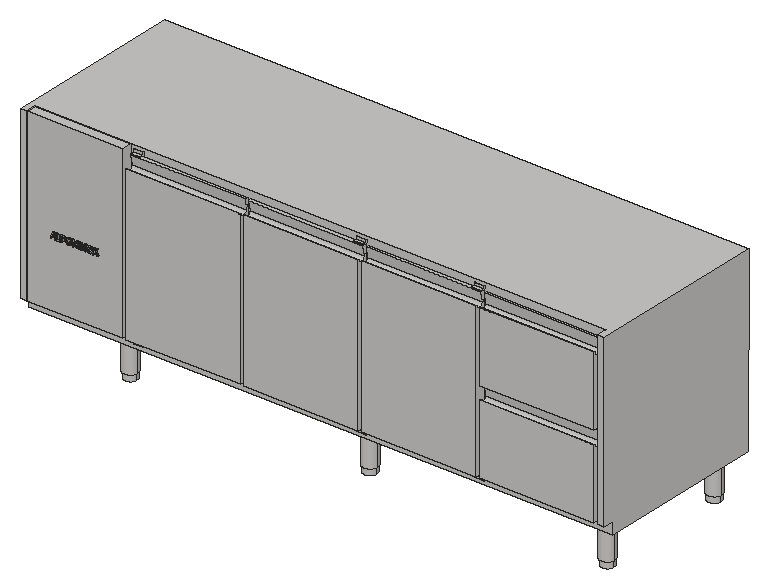
Revit family "QF_ALPENINOX_712066_AH4H7AAAB", category Specialty Equipment, Revit 2018
Family settings
  Round Connector Dimension = Use Diameter
  Part Type = Normal
  Work Plane-Based = No
  Always vertical = Yes
  Cut with Voids When Loaded = No
  Shared = No
  Room Calculation Point = No
Parameters
  Weight = 0.00 kg
  Watts = 0.0232258 W
  Volts = 220 V
  URL Manufacturer = "http://www.alpeninox.com/"
  URL = "http://www.alpeninox.com/"
  Steam Supply Size = 0 mm
  Steam Supply Minimum Pressure = 0.0 Pa
  Steam Supply Maximum Pressure = 0.0 Pa
  Steam Pounds per Hour = 0
  Show Logo [instance] = yes
  Show Clearance [instance] = yes
  Refrigeration Suction Line Size = 0 mm
  Refrigeration Liquid Line Size = 0 mm
  Refrigerant Compressor Remote = yes
  Manufacturer = "Alpeninox"
  Phase = 1
  Model = "AH4H7AAAB"
  Length Actual = 2249 mm  # constant formula
  Item Number = "712066"
  Hot Water Size = 0 mm
  Height Actual = 850 mm  # constant formula
  HP = "0.3 HP"
  Gas Size = 0 mm
  Gas KW = 0
  Gas Input Pressure = 0 W
  Description = "3DOORS-2DRAWERS REFR.TABLE 590L-NO TOP"
  Depth Actual = 700 mm  # constant formula
  Cycle = 50 Hz
  Condensate Return Size = 0 mm
  Compressed Air Volume = 0.0 L/s
  Compressed Air Size = 0 mm
  Compressed Air Pressure = 0.0 Pa
  Cold Water Size = 0 mm
  Accessory = yes
Reference planes
  plane 1 "Center X": y = 182.5
  plane 2: z = 0
  plane 3 "Center Y": x = -580.5
  plane 4: y = -62.5
  plane 5: y = 451.5
  plane 6 "BACK": y = 532.5
  plane 7 "FRONT": y = -167.5
  plane 8: x = -1360
  plane 9: x = 478
  plane 10: z = 150
  plane 11 "TOP": z = 900
  plane 12: z = 850
  plane 13 "LEFT": x = -1705
  plane 14 "RIGHT": x = 544
  plane 15: x = -437
Forms (mm)
  Extrusion 1, solid, material "QF_Finishes_Stainless Steel"
    sketch origin (-580.5, 2, 0) x (0, 1, 0) y (0, 0, 1)
      loop
        line (530.5, 150) -> (530.5, 850) -> (-124.5, 850) -> (-124.5, 150) -> (530.5, 150)
    from -1124.5 to 1124.5
  Extrusion 2, solid, material "QF_Finishes_Stainless Steel"
    sketch origin (-1022.223, -1524, 150) x (-1, 0, 0) y (0, -1, 0)
      loop
        line (682.777, -1361.5) -> (657.777, -1361.5) -> (657.777, -1401.5) -> (682.777, -1401.5) -> (682.777, -1361.5)
      loop
        line (-1566.223, -1401.5) -> (-1541.223, -1401.5) -> (-1541.223, -1361.5) -> (-1566.223, -1361.5) -> (-1566.223, -1401.5)
    from 47 to 700
  Extrusion 3, solid, material "QF_Finishes_Stainless Steel"
    sketch origin (0, 0, 900) x (-1, 0, 0) y (0, -1, 0)
      loop
        circle (-57, -94.5) r 8.45
      loop
        circle (851, -94.5) r 8.45
    from -790.577 to -750
  Extrusion 4, solid, material "QF_Finishes_Stainless Steel"
    sketch origin (0, 0, 0) x (1, 0, 0) y (0, 1, 0)
      loop
        circle (-1621, 451.5) r 4
    from 109.423 to 150
Cuts and joins
  joined: Extrusion 1, Extrusion 2
Lines and regions (mm)
  symbolic lines, style "SpecialityEquipmentHiddenLines"
    curve 1: line (-1705, -122.5, 900) -> (544, -122.5, 900)
    curve 2: line (-1304, -162.5, 900) -> (-1304, -122.5, 900)
    curve 3: line (-1705, 532.5, 900) -> (544, 532.5, 900)
    curve 4: line (-1705, 532.5, 900) -> (-1705, -162.5, 900)
    curve 5: line (-1705, -162.5, 900) -> (544, -162.5, 900)
    curve 6: line (544, -162.5, 900) -> (544, 532.5, 900)
Dimensions and locks
  locked: plane 6 "BACK" to plane 7 "FRONT" at 700
  equal spacing: plane 6 "BACK", plane 1 "Center X", plane 7 "FRONT"
  locked: plane 6 "BACK" to plane 5 at 81
  plane 10 to level = 150 mm
  plane 11 "TOP" to plane 12 to plane 10 = 50 mm locked, 700 mm locked
  locked: Extrusion 2 sketch curve to Extrusion 2 sketch curve at 25  (x2)
  locked: plane 4 to plane 7 "FRONT" at 105
  locked: plane 6 "BACK" to Extrusion 3 sketch curve at 438  (x2)
  equal spacing: plane 13 "LEFT", plane 3 "Center Y", plane 14 "RIGHT"
  plane 13 "LEFT" to plane 14 "RIGHT" = 2249 mm
  locked: plane 13 "LEFT" to plane 8 at 345
  plane 15 to plane 9 to plane 14 "RIGHT" = 915 mm locked, 66 mm locked
  Extrusion 3 sketch curve to Extrusion 3 sketch curve to plane 14 "RIGHT" = 908 mm locked, 487 mm locked
  plane 13 "LEFT" to Extrusion 4 sketch curve = 84 mm
  locked: plane 6 "BACK" to Extrusion 4 sketch curve at 81
  locked: plane 10 to Extrusion 4 at 40.577
  aligned and locked: level to plane 2
  aligned and locked: plane 10 to Extrusion 3
  aligned and locked: nested 4 to plane 4
  aligned and locked: nested 1 to plane 4
  aligned and locked: nested 3 to plane 5
  aligned and locked: nested 2 to plane 5
  aligned and locked: plane 8 to nested 1
  aligned and locked: plane 8 to nested 2
  aligned and locked: plane 9 to nested 4
  aligned and locked: plane 9 to nested 3
  aligned and locked: Extrusion 1 to Extrusion 2
  aligned and locked: Extrusion 2 to Extrusion 1
  aligned and locked: Extrusion 2 sketch curve to plane 14 "RIGHT"
  aligned and locked: plane 13 "LEFT" to Extrusion 2 sketch curve
  aligned and locked: cut or joined group of Extrusion 1, Extrusion 2 to plane 10
  aligned and locked: plane 12 to cut or joined group of Extrusion 1, Extrusion 2
  aligned and locked: plane 10 to Extrusion 4
  aligned and locked: plane 15 to nested 11
  aligned and locked: plane 15 to nested 12
Automatic sketch dimensions
  plane 7 "FRONT" to Extrusion 2 sketch curve = 45 mm  (x2)
  plane 7 "FRONT" to Extrusion 2 sketch curve = 5 mm  (x2)
  curve 6 to plane 6 "BACK" = 0 mm
  curve 6 to plane 14 "RIGHT" = 0 mm
  plane 7 "FRONT" to curve 2 = 5 mm
  curve 5 to plane 13 "LEFT" = 0 mm
  plane 8 to curve 2 = 56 mm
  plane 7 "FRONT" to curve 1 = 45 mm
  Extrusion 1 sketch curve to plane 10 = 0 mm
  Extrusion 1 sketch curve to plane 12 = 0 mm
  Extrusion 1 sketch curve to plane 6 "BACK" = 0 mm
  plane 7 "FRONT" to Extrusion 1 sketch curve = 45 mm
  radius of Extrusion 4 sketch curve = 4 mm
  radius of Extrusion 3 sketch curve = 8.45 mm  (x2)
Nested families
  nested 1: "Foot_Ø50_H150" at (-1360, -62.5, 0), type "Foot_Ø50_H150"
  nested 2: "Foot_Ø50_H150" at (-1360, 451.5, 0), type "Foot_Ø50_H150"
  nested 3: "Foot_Ø50_H150" at (478, 451.5, 0), type "Foot_Ø50_H150"
  nested 4: "Foot_Ø50_H150" at (478, -62.5, 0), type "Foot_Ø50_H150"
  nested 5: "2 Drawers" at (285, -164.5, 0), Show Clearance <- "Show Clearance", type "2 Drawers"
  nested 6: "Door" at (-169, -164.5, 0), Show Clearance <- "Show Clearance", type "Door"
  nested 7: "Refrigerator" at (544, -167.5, 900), type "Refrigerator"
  nested 8: "ALP_Cooling Unit" at (-1495.5, -164.5, 0), Show Logo <- "Show Logo", type "ALP_Cooling Unit"
  nested 9: "Door" at (-623, -164.5, 0), Show Clearance <- "Show Clearance", type "Door"
  nested 10: "Door" at (-1077, -164.5, 0) x (-1, 0, 0) z (0, 0, 1), Show Clearance <- "Show Clearance", type "Door"
  nested 11: "Foot_Ø50_H150" at (-437, -62.5, 0), type "Foot_Ø50_H150"
  nested 12: "Foot_Ø50_H150" at (-437, 451.5, 0), type "Foot_Ø50_H150"
Connectors
  electrical at (-1621, 451.5, 109.423), driven by "Volts"
    settings: on Extrusion 4, index 4, voltage 220 V, apparent load 0 VA, apparent load phase1 0 VA, apparent load phase2 0 VA, apparent load phase3 0 VA, power factor 1, load classification "Altro", number of poles 1, system type 30, power factor state 1, is connector primary yes, connector utility no, sub classification motor no, connector description "Electrical Connection"
  piping at (57, 94.5, 109.423), diameter 17
    settings: on Extrusion 3, index 5, connector inside diameter 609.6 mm, connector length 0 mm, flow factor 0, pipe flow 0.0 L/s, pressure drop 0.0 Pa, fitting loss kfactor 0, connector angle 0.00°, fixture units 0, engagement length 0 mm, angle of deflection 0.00°, flow configuration 1, flow direction 2, fitting loss method 0, system type 16, joint type 0, gender type 0, connector reference index -1, connector utility 0, adjustable connector no, is connector primary yes, connector description "Drain"
  piping at (-851, 94.5, 109.423), diameter 17
    settings: on Extrusion 3, index 6, connector inside diameter 609.6 mm, connector length 0 mm, flow factor 0, pipe flow 0.0 L/s, pressure drop 0.0 Pa, fitting loss kfactor 0, connector angle 0.00°, fixture units 0, engagement length 0 mm, angle of deflection 0.00°, flow configuration 1, flow direction 2, fitting loss method 0, system type 16, joint type 0, gender type 0, connector reference index -1, connector utility 0, adjustable connector no, is connector primary no, connector description "Drain"
Definition of nested family "Foot_Ø50_H150"
  Reference planes
    plane 1 "Centro (Fronte/Retro)": y = 0
    plane 2: z = 0
    plane 3 "Centro (Sinistra/Destra)": x = 0
    plane 4: z = 150
  Forms (mm)
    Revolve 1, solid
      sketch origin (255.05, 0, 608.09) x (0, 0, 1) y (-1, 0, 0)
        loop
          line (-608.09, 255.05) -> (-608.09, 230.05) -> (-583.09, 230.05) -> (-583.09, 226.05) -> (-458.09, 226.05) -> (-458.09, 255.05) -> (-608.09, 255.05)
        axis (-608.09, 255.05) -> (-458.09, 255.05)
      angle from 0 to 360
  Dimensions and locks
    locked: Revolve 1 sketch curve to Revolve 1 sketch curve at 125
    aligned and locked: level to plane 2
    aligned and locked: plane 4 to Revolve 1 sketch curve
    aligned and locked: Revolve 1 sketch curve to level
    aligned and locked: plane 3 "Centro (Sinistra/Destra)" to Revolve 1 sketch curve
Definition of nested family "2 Drawers"
  Parameters
    Show Clearance [instance] = yes
  Reference planes
    plane 1 "FRONT": y = -3
    plane 2: z = 0
    plane 3 "Centro (Sinistra/Destra)": x = 0
    plane 4: z = 150
    plane 5: z = 850
    plane 6: x = -234
    plane 7: x = 234
    plane 8: x = -220
    plane 9: x = 220
  Forms (mm)
    Extrusion 1, solid
      sketch origin (0, 55, 511) x (0, 0, 1) y (0, -1, 0)
        loop
          line (314, 18) -> (314, 29) -> (274.395, 22.5)
          arc (274.395, 22.5) -> (260.395, 36.5) -> (274.395, 50.5) r 14
          line (274.395, 50.5) -> (274.395, 53) -> (5, 53) -> (5, 18) -> (314, 18)
        loop
          line (-5, 29) -> (-44.605, 22.5)
          arc (-44.605, 22.5) -> (-58.605, 36.5) -> (-44.605, 50.5) r 14
          line (-44.605, 50.5) -> (-44.605, 53) -> (-314, 53) -> (-314, 18) -> (-5, 18) -> (-5, 29)
      from -220 to 220
    Extrusion 2, solid, visible <- "Show Clearance", detail levels coarse
      sketch origin (0, -462, 511) x (0, 0, 1) y (0, -1, 0)
        loop
          line (-314, 109) -> (-314, -464) -> (-5, -464) -> (-5, 109) -> (-314, 109)
        loop
          line (314, -464) -> (314, 109) -> (5, 109) -> (5, -464) -> (314, -464)
      from -220 to 220
  Lines and regions (mm)
    symbolic lines
      curve 1: line (-190, -3, 0) -> (-190, -88, 0)
      curve 2: line (190, -88, 0) -> (190, -3, 0)
      curve 3: line (220, -88, 0) -> (-220, -88, 0)
      curve 4: line (-220, -88, 0) -> (-220, -123, 0)
      curve 5: line (-220, -123, 0) -> (220, -123, 0)
      curve 6: line (220, -123, 0) -> (220, -88, 0)
      curve 7: line (-190, -123, 0) -> (-190, -208, 0)
      curve 8: line (220, -208, 0) -> (-220, -208, 0)
      curve 9: line (-220, -208, 0) -> (-220, -243, 0)
      curve 10: line (-220, -243, 0) -> (220, -243, 0)
      curve 11: line (220, -243, 0) -> (220, -208, 0)
      curve 12: line (190, -208, 0) -> (190, -123, 0)
  Dimensions and locks
    aligned and locked: level to plane 2
Definition of nested family "Door"
  Parameters
    Show Clearance [instance] = yes
  Reference planes
    plane 1 "FRONT": y = -3
    plane 2: z = 0
    plane 3 "Centro (Sinistra/Destra)": x = 0
    plane 4: z = 150
    plane 5: z = 850
    plane 6: x = -234
    plane 7: x = 234
    plane 8: x = -220
    plane 9: x = 220
  Forms (mm)
    Extrusion 1, solid
      sketch origin (0, 53, 511) x (0, 0, 1) y (0, -1, 0)
        loop
          line (-323.003, 28.5) -> (-316.501, 28.5) -> (-316.501, 31) -> (-325.503, 31) -> (-325.503, 13.5) -> (-345.503, 13.5) -> (-345.503, 11) -> (-323.003, 11) -> (-323.003, 23.259) -> (-323.003, 28.5)
        loop
          line (-314, 27) -> (-316.501, 27) -> (-316.501, 18.501) -> (-319.752, 18.501) -> (-319.752, 16) -> (-314, 16) -> (-314, 27)
        loop
          line (315.003, 27) -> (315.003, 13.948) -> (315.003, 11) -> (327.503, 11) -> (327.503, 13.5) -> (317.503, 13.5) -> (317.503, 27) -> (315.003, 27)
      from 185 to 220
    Extrusion 2, solid, visible <- "Show Clearance", detail levels coarse
      sketch origin (0, 53, 511) x (0, -1, 0) y (1, 0, 0)
        loop
          line (51, 220) -> (51, -220)
          arc (51, -220) -> (339.234, -79.44) -> (454, 220) r 437.168
          line (454, 220) -> (51, 220)
      from -314 to 314
    Extrusion 3, solid
      sketch origin (0, 55, 511) x (0, 0, 1) y (0, -1, 0)
        loop
          line (314, 18) -> (314, 29) -> (274.395, 22.5)
          arc (274.395, 22.5) -> (260.395, 36.5) -> (274.395, 50.5) r 14
          line (274.395, 50.5) -> (274.395, 53) -> (-314, 53) -> (-314, 18) -> (314, 18)
      from -220 to 220
  Lines and regions (mm)
    symbolic lines
      curve 1: line (220, -3, 0) -> (220, -401, 0)
      curve 2: line (220, -401, 0) -> (185, -401, 0)
      curve 3: line (185, -401, 0) -> (185, -3, 0)
      curve 4: arc (-219.722, -3, 0) -> (-89.51, -275.368, 0) -> (185, -401, 0) r 442.855
  Dimensions and locks
    aligned and locked: level to plane 2
Definition of nested family "ALP_Cooling Unit"
  Parameters
    Show Logo [instance] = yes
  Reference planes
    plane 1 "FRONT": y = -3
    plane 2: z = 0
    plane 3 "Centro (Sinistra/Destra)": x = 0
    plane 4: z = 150
    plane 5: z = 850
    plane 6: x = -184.5
    plane 7: x = 184.5
  Forms (mm)
    Extrusion 1, solid
      sketch origin (0, 55, 511) x (0, 0, 1) y (0, -1, 0)
        loop
          line (-314, 53) -> (-314, 13) -> (339, 13) -> (339, 53) -> (-314, 53)
      from -184.5 to 184.5
  Lines and regions (mm)
    Split face 1
      outline origin (0, 2, 197) x (0, 0, 1) y (-1, 0, 0)
        loop
          line (566.835, 184.5) -> (566.835, -184.5)
        loop
          line (521.835, 184.5) -> (521.835, -184.5)
    Split face 2
      outline origin (0, 2, 197) x (0, 0, 1) y (-1, 0, 0)
        loop
          line (526.835, -184.5) -> (526.835, 150.5)
          arc (526.835, 150.5) -> (544.335, 168) -> (561.835, 150.5) r 17.5
          line (561.835, 150.5) -> (561.835, -184.5)
    Split face 3
      outline origin (0, 2, 197) x (0, 0, 1) y (-1, 0, 0)
        loop
          line (555.835, 149.5) -> (532.835, 149.5) -> (532.835, 94.5) -> (555.835, 94.5) -> (555.835, 149.5)
    Split face 4
      outline origin (0, 2, 197) x (0, 0, 1) y (-1, 0, 0)
        loop
          arc (510.649, 158.547) -> (506.648, 162.548) -> (502.647, 158.547) r 4.001
          line (502.647, 158.547) -> (502.647, 116.535)
          arc (502.647, 116.535) -> (506.648, 112.533) -> (510.649, 116.535) r 4.001
          line (510.649, 116.535) -> (510.649, 158.547)
    Split face 5
      outline origin (0, 2, 184.996) x (0, 0, 1) y (-1, 0, 0)
        loop
          arc (510.649, 158.547) -> (506.648, 162.548) -> (502.647, 158.547) r 4.001
          line (502.647, 158.547) -> (502.647, 116.535)
          arc (502.647, 116.535) -> (506.648, 112.533) -> (510.649, 116.535) r 4.001
          line (510.649, 116.535) -> (510.649, 158.547)
    Split face 6
      outline origin (0, 2, 172.993) x (0, 0, 1) y (-1, 0, 0)
        loop
          arc (510.649, 158.547) -> (506.648, 162.548) -> (502.647, 158.547) r 4.001
          line (502.647, 158.547) -> (502.647, 116.535)
          arc (502.647, 116.535) -> (506.648, 112.533) -> (510.649, 116.535) r 4.001
          line (510.649, 116.535) -> (510.649, 158.547)
    Split face 7
      outline origin (0, 2, 160.989) x (0, 0, 1) y (-1, 0, 0)
        loop
          arc (510.649, 158.547) -> (506.648, 162.548) -> (502.647, 158.547) r 4.001
          line (502.647, 158.547) -> (502.647, 116.535)
          arc (502.647, 116.535) -> (506.648, 112.533) -> (510.649, 116.535) r 4.001
          line (510.649, 116.535) -> (510.649, 158.547)
    Split face 8
      outline origin (0, 2, 148.986) x (0, 0, 1) y (-1, 0, 0)
        loop
          arc (510.649, 158.547) -> (506.648, 162.548) -> (502.647, 158.547) r 4.001
          line (502.647, 158.547) -> (502.647, 116.535)
          arc (502.647, 116.535) -> (506.648, 112.533) -> (510.649, 116.535) r 4.001
          line (510.649, 116.535) -> (510.649, 158.547)
    Split face 9
      outline origin (0, 2, 136.982) x (0, 0, 1) y (-1, 0, 0)
        loop
          arc (510.649, 158.547) -> (506.648, 162.548) -> (502.647, 158.547) r 4.001
          line (502.647, 158.547) -> (502.647, 116.535)
          arc (502.647, 116.535) -> (506.648, 112.533) -> (510.649, 116.535) r 4.001
          line (510.649, 116.535) -> (510.649, 158.547)
    Split face 10
      outline origin (0, 2, 124.979) x (0, 0, 1) y (-1, 0, 0)
        loop
          arc (510.649, 158.547) -> (506.648, 162.548) -> (502.647, 158.547) r 4.001
          line (502.647, 158.547) -> (502.647, 116.535)
          arc (502.647, 116.535) -> (506.648, 112.533) -> (510.649, 116.535) r 4.001
          line (510.649, 116.535) -> (510.649, 158.547)
    Split face 11
      outline origin (0, 2, 112.975) x (0, 0, 1) y (-1, 0, 0)
        loop
          arc (510.649, 158.547) -> (506.648, 162.548) -> (502.647, 158.547) r 4.001
          line (502.647, 158.547) -> (502.647, 116.535)
          arc (502.647, 116.535) -> (506.648, 112.533) -> (510.649, 116.535) r 4.001
          line (510.649, 116.535) -> (510.649, 158.547)
    Split face 12
      outline origin (0, 2, 100.972) x (0, 0, 1) y (-1, 0, 0)
        loop
          arc (510.649, 158.547) -> (506.648, 162.548) -> (502.647, 158.547) r 4.001
          line (502.647, 158.547) -> (502.647, 116.535)
          arc (502.647, 116.535) -> (506.648, 112.533) -> (510.649, 116.535) r 4.001
          line (510.649, 116.535) -> (510.649, 158.547)
    Split face 13
      outline origin (0, 2, 88.968) x (0, 0, 1) y (-1, 0, 0)
        loop
          arc (510.649, 158.547) -> (506.648, 162.548) -> (502.647, 158.547) r 4.001
          line (502.647, 158.547) -> (502.647, 116.535)
          arc (502.647, 116.535) -> (506.648, 112.533) -> (510.649, 116.535) r 4.001
          line (510.649, 116.535) -> (510.649, 158.547)
    Split face 14
      outline origin (0, 2, 76.965) x (0, 0, 1) y (-1, 0, 0)
        loop
          arc (510.649, 158.547) -> (506.648, 162.548) -> (502.647, 158.547) r 4.001
          line (502.647, 158.547) -> (502.647, 116.535)
          arc (502.647, 116.535) -> (506.648, 112.533) -> (510.649, 116.535) r 4.001
          line (510.649, 116.535) -> (510.649, 158.547)
    Split face 15
      outline origin (0, 2, 64.961) x (0, 0, 1) y (-1, 0, 0)
        loop
          arc (510.649, 158.547) -> (506.648, 162.548) -> (502.647, 158.547) r 4.001
          line (502.647, 158.547) -> (502.647, 116.535)
          arc (502.647, 116.535) -> (506.648, 112.533) -> (510.649, 116.535) r 4.001
          line (510.649, 116.535) -> (510.649, 158.547)
    Split face 16
      outline origin (0, 2, 52.958) x (0, 0, 1) y (-1, 0, 0)
        loop
          arc (510.649, 158.547) -> (506.648, 162.548) -> (502.647, 158.547) r 4.001
          line (502.647, 158.547) -> (502.647, 116.535)
          arc (502.647, 116.535) -> (506.648, 112.533) -> (510.649, 116.535) r 4.001
          line (510.649, 116.535) -> (510.649, 158.547)
    Split face 17
      outline origin (0, 2, 40.954) x (0, 0, 1) y (-1, 0, 0)
        loop
          arc (510.649, 158.547) -> (506.648, 162.548) -> (502.647, 158.547) r 4.001
          line (502.647, 158.547) -> (502.647, 116.535)
          arc (502.647, 116.535) -> (506.648, 112.533) -> (510.649, 116.535) r 4.001
          line (510.649, 116.535) -> (510.649, 158.547)
    Split face 18
      outline origin (0, 2, 28.951) x (0, 0, 1) y (-1, 0, 0)
        loop
          arc (510.649, 158.547) -> (506.648, 162.548) -> (502.647, 158.547) r 4.001
          line (502.647, 158.547) -> (502.647, 116.535)
          arc (502.647, 116.535) -> (506.648, 112.533) -> (510.649, 116.535) r 4.001
          line (510.649, 116.535) -> (510.649, 158.547)
    Split face 19
      outline origin (0, 2, 16.947) x (0, 0, 1) y (-1, 0, 0)
        loop
          arc (510.649, 158.547) -> (506.648, 162.548) -> (502.647, 158.547) r 4.001
          line (502.647, 158.547) -> (502.647, 116.535)
          arc (502.647, 116.535) -> (506.648, 112.533) -> (510.649, 116.535) r 4.001
          line (510.649, 116.535) -> (510.649, 158.547)
    Split face 20
      outline origin (55.016, 2, 197) x (0, 0, 1) y (-1, 0, 0)
        loop
          arc (510.649, 158.547) -> (506.648, 162.548) -> (502.647, 158.547) r 4.001
          line (502.647, 158.547) -> (502.647, 116.535)
          arc (502.647, 116.535) -> (506.648, 112.533) -> (510.649, 116.535) r 4.001
          line (510.649, 116.535) -> (510.649, 158.547)
    Split face 21
      outline origin (55.016, 2, 184.996) x (0, 0, 1) y (-1, 0, 0)
        loop
          arc (510.649, 158.547) -> (506.648, 162.548) -> (502.647, 158.547) r 4.001
          line (502.647, 158.547) -> (502.647, 116.535)
          arc (502.647, 116.535) -> (506.648, 112.533) -> (510.649, 116.535) r 4.001
          line (510.649, 116.535) -> (510.649, 158.547)
    Split face 22
      outline origin (55.016, 2, 172.993) x (0, 0, 1) y (-1, 0, 0)
        loop
          arc (510.649, 158.547) -> (506.648, 162.548) -> (502.647, 158.547) r 4.001
          line (502.647, 158.547) -> (502.647, 116.535)
          arc (502.647, 116.535) -> (506.648, 112.533) -> (510.649, 116.535) r 4.001
          line (510.649, 116.535) -> (510.649, 158.547)
    Split face 23
      outline origin (55.016, 2, 160.989) x (0, 0, 1) y (-1, 0, 0)
        loop
          arc (510.649, 158.547) -> (506.648, 162.548) -> (502.647, 158.547) r 4.001
          line (502.647, 158.547) -> (502.647, 116.535)
          arc (502.647, 116.535) -> (506.648, 112.533) -> (510.649, 116.535) r 4.001
          line (510.649, 116.535) -> (510.649, 158.547)
    Split face 24
      outline origin (55.016, 2, 148.986) x (0, 0, 1) y (-1, 0, 0)
        loop
          arc (510.649, 158.547) -> (506.648, 162.548) -> (502.647, 158.547) r 4.001
          line (502.647, 158.547) -> (502.647, 116.535)
          arc (502.647, 116.535) -> (506.648, 112.533) -> (510.649, 116.535) r 4.001
          line (510.649, 116.535) -> (510.649, 158.547)
    Split face 25
      outline origin (55.016, 2, 136.982) x (0, 0, 1) y (-1, 0, 0)
        loop
          arc (510.649, 158.547) -> (506.648, 162.548) -> (502.647, 158.547) r 4.001
          line (502.647, 158.547) -> (502.647, 116.535)
          arc (502.647, 116.535) -> (506.648, 112.533) -> (510.649, 116.535) r 4.001
          line (510.649, 116.535) -> (510.649, 158.547)
    Split face 26
      outline origin (55.016, 2, 124.979) x (0, 0, 1) y (-1, 0, 0)
        loop
          arc (510.649, 158.547) -> (506.648, 162.548) -> (502.647, 158.547) r 4.001
          line (502.647, 158.547) -> (502.647, 116.535)
          arc (502.647, 116.535) -> (506.648, 112.533) -> (510.649, 116.535) r 4.001
          line (510.649, 116.535) -> (510.649, 158.547)
    Split face 27
      outline origin (55.016, 2, 112.975) x (0, 0, 1) y (-1, 0, 0)
        loop
          arc (510.649, 158.547) -> (506.648, 162.548) -> (502.647, 158.547) r 4.001
          line (502.647, 158.547) -> (502.647, 116.535)
          arc (502.647, 116.535) -> (506.648, 112.533) -> (510.649, 116.535) r 4.001
          line (510.649, 116.535) -> (510.649, 158.547)
    Split face 28
      outline origin (55.016, 2, 100.972) x (0, 0, 1) y (-1, 0, 0)
        loop
          arc (510.649, 158.547) -> (506.648, 162.548) -> (502.647, 158.547) r 4.001
          line (502.647, 158.547) -> (502.647, 116.535)
          arc (502.647, 116.535) -> (506.648, 112.533) -> (510.649, 116.535) r 4.001
          line (510.649, 116.535) -> (510.649, 158.547)
    Split face 29
      outline origin (55.016, 2, 88.968) x (0, 0, 1) y (-1, 0, 0)
        loop
          arc (510.649, 158.547) -> (506.648, 162.548) -> (502.647, 158.547) r 4.001
          line (502.647, 158.547) -> (502.647, 116.535)
          arc (502.647, 116.535) -> (506.648, 112.533) -> (510.649, 116.535) r 4.001
          line (510.649, 116.535) -> (510.649, 158.547)
    Split face 30
      outline origin (55.016, 2, 76.965) x (0, 0, 1) y (-1, 0, 0)
        loop
          arc (510.649, 158.547) -> (506.648, 162.548) -> (502.647, 158.547) r 4.001
          line (502.647, 158.547) -> (502.647, 116.535)
          arc (502.647, 116.535) -> (506.648, 112.533) -> (510.649, 116.535) r 4.001
          line (510.649, 116.535) -> (510.649, 158.547)
    Split face 31
      outline origin (55.016, 2, 64.961) x (0, 0, 1) y (-1, 0, 0)
        loop
          arc (510.649, 158.547) -> (506.648, 162.548) -> (502.647, 158.547) r 4.001
          line (502.647, 158.547) -> (502.647, 116.535)
          arc (502.647, 116.535) -> (506.648, 112.533) -> (510.649, 116.535) r 4.001
          line (510.649, 116.535) -> (510.649, 158.547)
    Split face 32
      outline origin (55.016, 2, 52.958) x (0, 0, 1) y (-1, 0, 0)
        loop
          arc (510.649, 158.547) -> (506.648, 162.548) -> (502.647, 158.547) r 4.001
          line (502.647, 158.547) -> (502.647, 116.535)
          arc (502.647, 116.535) -> (506.648, 112.533) -> (510.649, 116.535) r 4.001
          line (510.649, 116.535) -> (510.649, 158.547)
    Split face 33
      outline origin (55.016, 2, 40.954) x (0, 0, 1) y (-1, 0, 0)
        loop
          arc (510.649, 158.547) -> (506.648, 162.548) -> (502.647, 158.547) r 4.001
          line (502.647, 158.547) -> (502.647, 116.535)
          arc (502.647, 116.535) -> (506.648, 112.533) -> (510.649, 116.535) r 4.001
          line (510.649, 116.535) -> (510.649, 158.547)
    Split face 34
      outline origin (55.016, 2, 28.951) x (0, 0, 1) y (-1, 0, 0)
        loop
          arc (510.649, 158.547) -> (506.648, 162.548) -> (502.647, 158.547) r 4.001
          line (502.647, 158.547) -> (502.647, 116.535)
          arc (502.647, 116.535) -> (506.648, 112.533) -> (510.649, 116.535) r 4.001
          line (510.649, 116.535) -> (510.649, 158.547)
    Split face 35
      outline origin (55.016, 2, 16.947) x (0, 0, 1) y (-1, 0, 0)
        loop
          arc (510.649, 158.547) -> (506.648, 162.548) -> (502.647, 158.547) r 4.001
          line (502.647, 158.547) -> (502.647, 116.535)
          arc (502.647, 116.535) -> (506.648, 112.533) -> (510.649, 116.535) r 4.001
          line (510.649, 116.535) -> (510.649, 158.547)
    Split face 36
      outline origin (110.032, 2, 197) x (0, 0, 1) y (-1, 0, 0)
        loop
          arc (510.649, 158.547) -> (506.648, 162.548) -> (502.647, 158.547) r 4.001
          line (502.647, 158.547) -> (502.647, 116.535)
          arc (502.647, 116.535) -> (506.648, 112.533) -> (510.649, 116.535) r 4.001
          line (510.649, 116.535) -> (510.649, 158.547)
    Split face 37
      outline origin (110.032, 2, 184.996) x (0, 0, 1) y (-1, 0, 0)
        loop
          arc (510.649, 158.547) -> (506.648, 162.548) -> (502.647, 158.547) r 4.001
          line (502.647, 158.547) -> (502.647, 116.535)
          arc (502.647, 116.535) -> (506.648, 112.533) -> (510.649, 116.535) r 4.001
          line (510.649, 116.535) -> (510.649, 158.547)
    Split face 38
      outline origin (110.032, 2, 172.993) x (0, 0, 1) y (-1, 0, 0)
        loop
          arc (510.649, 158.547) -> (506.648, 162.548) -> (502.647, 158.547) r 4.001
          line (502.647, 158.547) -> (502.647, 116.535)
          arc (502.647, 116.535) -> (506.648, 112.533) -> (510.649, 116.535) r 4.001
          line (510.649, 116.535) -> (510.649, 158.547)
    Split face 39
      outline origin (110.032, 2, 160.989) x (0, 0, 1) y (-1, 0, 0)
        loop
          arc (510.649, 158.547) -> (506.648, 162.548) -> (502.647, 158.547) r 4.001
          line (502.647, 158.547) -> (502.647, 116.535)
          arc (502.647, 116.535) -> (506.648, 112.533) -> (510.649, 116.535) r 4.001
          line (510.649, 116.535) -> (510.649, 158.547)
    Split face 40
      outline origin (110.032, 2, 148.986) x (0, 0, 1) y (-1, 0, 0)
        loop
          arc (510.649, 158.547) -> (506.648, 162.548) -> (502.647, 158.547) r 4.001
          line (502.647, 158.547) -> (502.647, 116.535)
          arc (502.647, 116.535) -> (506.648, 112.533) -> (510.649, 116.535) r 4.001
          line (510.649, 116.535) -> (510.649, 158.547)
    Split face 41
      outline origin (110.032, 2, 136.982) x (0, 0, 1) y (-1, 0, 0)
        loop
          arc (510.649, 158.547) -> (506.648, 162.548) -> (502.647, 158.547) r 4.001
          line (502.647, 158.547) -> (502.647, 116.535)
          arc (502.647, 116.535) -> (506.648, 112.533) -> (510.649, 116.535) r 4.001
          line (510.649, 116.535) -> (510.649, 158.547)
    Split face 42
      outline origin (110.032, 2, 124.979) x (0, 0, 1) y (-1, 0, 0)
        loop
          arc (510.649, 158.547) -> (506.648, 162.548) -> (502.647, 158.547) r 4.001
          line (502.647, 158.547) -> (502.647, 116.535)
          arc (502.647, 116.535) -> (506.648, 112.533) -> (510.649, 116.535) r 4.001
          line (510.649, 116.535) -> (510.649, 158.547)
    Split face 43
      outline origin (110.032, 2, 112.975) x (0, 0, 1) y (-1, 0, 0)
        loop
          arc (510.649, 158.547) -> (506.648, 162.548) -> (502.647, 158.547) r 4.001
          line (502.647, 158.547) -> (502.647, 116.535)
          arc (502.647, 116.535) -> (506.648, 112.533) -> (510.649, 116.535) r 4.001
          line (510.649, 116.535) -> (510.649, 158.547)
    Split face 44
      outline origin (110.032, 2, 100.972) x (0, 0, 1) y (-1, 0, 0)
        loop
          arc (510.649, 158.547) -> (506.648, 162.548) -> (502.647, 158.547) r 4.001
          line (502.647, 158.547) -> (502.647, 116.535)
          arc (502.647, 116.535) -> (506.648, 112.533) -> (510.649, 116.535) r 4.001
          line (510.649, 116.535) -> (510.649, 158.547)
    Split face 45
      outline origin (110.032, 2, 88.968) x (0, 0, 1) y (-1, 0, 0)
        loop
          arc (510.649, 158.547) -> (506.648, 162.548) -> (502.647, 158.547) r 4.001
          line (502.647, 158.547) -> (502.647, 116.535)
          arc (502.647, 116.535) -> (506.648, 112.533) -> (510.649, 116.535) r 4.001
          line (510.649, 116.535) -> (510.649, 158.547)
    Split face 46
      outline origin (110.032, 2, 76.965) x (0, 0, 1) y (-1, 0, 0)
        loop
          arc (510.649, 158.547) -> (506.648, 162.548) -> (502.647, 158.547) r 4.001
          line (502.647, 158.547) -> (502.647, 116.535)
          arc (502.647, 116.535) -> (506.648, 112.533) -> (510.649, 116.535) r 4.001
          line (510.649, 116.535) -> (510.649, 158.547)
    Split face 47
      outline origin (110.032, 2, 64.961) x (0, 0, 1) y (-1, 0, 0)
        loop
          arc (510.649, 158.547) -> (506.648, 162.548) -> (502.647, 158.547) r 4.001
          line (502.647, 158.547) -> (502.647, 116.535)
          arc (502.647, 116.535) -> (506.648, 112.533) -> (510.649, 116.535) r 4.001
          line (510.649, 116.535) -> (510.649, 158.547)
    Split face 48
      outline origin (110.032, 2, 52.958) x (0, 0, 1) y (-1, 0, 0)
        loop
          arc (510.649, 158.547) -> (506.648, 162.548) -> (502.647, 158.547) r 4.001
          line (502.647, 158.547) -> (502.647, 116.535)
          arc (502.647, 116.535) -> (506.648, 112.533) -> (510.649, 116.535) r 4.001
          line (510.649, 116.535) -> (510.649, 158.547)
    Split face 49
      outline origin (110.032, 2, 40.954) x (0, 0, 1) y (-1, 0, 0)
        loop
          arc (510.649, 158.547) -> (506.648, 162.548) -> (502.647, 158.547) r 4.001
          line (502.647, 158.547) -> (502.647, 116.535)
          arc (502.647, 116.535) -> (506.648, 112.533) -> (510.649, 116.535) r 4.001
          line (510.649, 116.535) -> (510.649, 158.547)
    Split face 50
      outline origin (110.032, 2, 28.951) x (0, 0, 1) y (-1, 0, 0)
        loop
          arc (510.649, 158.547) -> (506.648, 162.548) -> (502.647, 158.547) r 4.001
          line (502.647, 158.547) -> (502.647, 116.535)
          arc (502.647, 116.535) -> (506.648, 112.533) -> (510.649, 116.535) r 4.001
          line (510.649, 116.535) -> (510.649, 158.547)
    Split face 51
      outline origin (110.032, 2, 16.947) x (0, 0, 1) y (-1, 0, 0)
        loop
          arc (510.649, 158.547) -> (506.648, 162.548) -> (502.647, 158.547) r 4.001
          line (502.647, 158.547) -> (502.647, 116.535)
          arc (502.647, 116.535) -> (506.648, 112.533) -> (510.649, 116.535) r 4.001
          line (510.649, 116.535) -> (510.649, 158.547)
    Split face 52
      outline origin (165.048, 2, 197) x (0, 0, 1) y (-1, 0, 0)
        loop
          arc (510.649, 158.547) -> (506.648, 162.548) -> (502.647, 158.547) r 4.001
          line (502.647, 158.547) -> (502.647, 116.535)
          arc (502.647, 116.535) -> (506.648, 112.533) -> (510.649, 116.535) r 4.001
          line (510.649, 116.535) -> (510.649, 158.547)
    Split face 53
      outline origin (165.048, 2, 184.996) x (0, 0, 1) y (-1, 0, 0)
        loop
          arc (510.649, 158.547) -> (506.648, 162.548) -> (502.647, 158.547) r 4.001
          line (502.647, 158.547) -> (502.647, 116.535)
          arc (502.647, 116.535) -> (506.648, 112.533) -> (510.649, 116.535) r 4.001
          line (510.649, 116.535) -> (510.649, 158.547)
    Split face 54
      outline origin (165.048, 2, 172.993) x (0, 0, 1) y (-1, 0, 0)
        loop
          arc (510.649, 158.547) -> (506.648, 162.548) -> (502.647, 158.547) r 4.001
          line (502.647, 158.547) -> (502.647, 116.535)
          arc (502.647, 116.535) -> (506.648, 112.533) -> (510.649, 116.535) r 4.001
          line (510.649, 116.535) -> (510.649, 158.547)
    Split face 55
      outline origin (165.048, 2, 160.989) x (0, 0, 1) y (-1, 0, 0)
        loop
          arc (510.649, 158.547) -> (506.648, 162.548) -> (502.647, 158.547) r 4.001
          line (502.647, 158.547) -> (502.647, 116.535)
          arc (502.647, 116.535) -> (506.648, 112.533) -> (510.649, 116.535) r 4.001
          line (510.649, 116.535) -> (510.649, 158.547)
    Split face 56
      outline origin (165.048, 2, 148.986) x (0, 0, 1) y (-1, 0, 0)
        loop
          arc (510.649, 158.547) -> (506.648, 162.548) -> (502.647, 158.547) r 4.001
          line (502.647, 158.547) -> (502.647, 116.535)
          arc (502.647, 116.535) -> (506.648, 112.533) -> (510.649, 116.535) r 4.001
          line (510.649, 116.535) -> (510.649, 158.547)
    Split face 57
      outline origin (165.048, 2, 136.982) x (0, 0, 1) y (-1, 0, 0)
        loop
          arc (510.649, 158.547) -> (506.648, 162.548) -> (502.647, 158.547) r 4.001
          line (502.647, 158.547) -> (502.647, 116.535)
          arc (502.647, 116.535) -> (506.648, 112.533) -> (510.649, 116.535) r 4.001
          line (510.649, 116.535) -> (510.649, 158.547)
    Split face 58
      outline origin (165.048, 2, 124.979) x (0, 0, 1) y (-1, 0, 0)
        loop
          arc (510.649, 158.547) -> (506.648, 162.548) -> (502.647, 158.547) r 4.001
          line (502.647, 158.547) -> (502.647, 116.535)
          arc (502.647, 116.535) -> (506.648, 112.533) -> (510.649, 116.535) r 4.001
          line (510.649, 116.535) -> (510.649, 158.547)
    Split face 59
      outline origin (165.048, 2, 112.975) x (0, 0, 1) y (-1, 0, 0)
        loop
          arc (510.649, 158.547) -> (506.648, 162.548) -> (502.647, 158.547) r 4.001
          line (502.647, 158.547) -> (502.647, 116.535)
          arc (502.647, 116.535) -> (506.648, 112.533) -> (510.649, 116.535) r 4.001
          line (510.649, 116.535) -> (510.649, 158.547)
    Split face 60
      outline origin (165.048, 2, 100.972) x (0, 0, 1) y (-1, 0, 0)
        loop
          arc (510.649, 158.547) -> (506.648, 162.548) -> (502.647, 158.547) r 4.001
          line (502.647, 158.547) -> (502.647, 116.535)
          arc (502.647, 116.535) -> (506.648, 112.533) -> (510.649, 116.535) r 4.001
          line (510.649, 116.535) -> (510.649, 158.547)
    Split face 61
      outline origin (165.048, 2, 88.968) x (0, 0, 1) y (-1, 0, 0)
        loop
          arc (510.649, 158.547) -> (506.648, 162.548) -> (502.647, 158.547) r 4.001
          line (502.647, 158.547) -> (502.647, 116.535)
          arc (502.647, 116.535) -> (506.648, 112.533) -> (510.649, 116.535) r 4.001
          line (510.649, 116.535) -> (510.649, 158.547)
    Split face 62
      outline origin (165.048, 2, 76.965) x (0, 0, 1) y (-1, 0, 0)
        loop
          arc (510.649, 158.547) -> (506.648, 162.548) -> (502.647, 158.547) r 4.001
          line (502.647, 158.547) -> (502.647, 116.535)
          arc (502.647, 116.535) -> (506.648, 112.533) -> (510.649, 116.535) r 4.001
          line (510.649, 116.535) -> (510.649, 158.547)
    Split face 63
      outline origin (165.048, 2, 64.961) x (0, 0, 1) y (-1, 0, 0)
        loop
          arc (510.649, 158.547) -> (506.648, 162.548) -> (502.647, 158.547) r 4.001
          line (502.647, 158.547) -> (502.647, 116.535)
          arc (502.647, 116.535) -> (506.648, 112.533) -> (510.649, 116.535) r 4.001
          line (510.649, 116.535) -> (510.649, 158.547)
    Split face 64
      outline origin (165.048, 2, 52.958) x (0, 0, 1) y (-1, 0, 0)
        loop
          arc (510.649, 158.547) -> (506.648, 162.548) -> (502.647, 158.547) r 4.001
          line (502.647, 158.547) -> (502.647, 116.535)
          arc (502.647, 116.535) -> (506.648, 112.533) -> (510.649, 116.535) r 4.001
          line (510.649, 116.535) -> (510.649, 158.547)
    Split face 65
      outline origin (165.048, 2, 40.954) x (0, 0, 1) y (-1, 0, 0)
        loop
          arc (510.649, 158.547) -> (506.648, 162.548) -> (502.647, 158.547) r 4.001
          line (502.647, 158.547) -> (502.647, 116.535)
          arc (502.647, 116.535) -> (506.648, 112.533) -> (510.649, 116.535) r 4.001
          line (510.649, 116.535) -> (510.649, 158.547)
    Split face 66
      outline origin (165.048, 2, 28.951) x (0, 0, 1) y (-1, 0, 0)
        loop
          arc (510.649, 158.547) -> (506.648, 162.548) -> (502.647, 158.547) r 4.001
          line (502.647, 158.547) -> (502.647, 116.535)
          arc (502.647, 116.535) -> (506.648, 112.533) -> (510.649, 116.535) r 4.001
          line (510.649, 116.535) -> (510.649, 158.547)
    Split face 67
      outline origin (165.048, 2, 16.947) x (0, 0, 1) y (-1, 0, 0)
        loop
          arc (510.649, 158.547) -> (506.648, 162.548) -> (502.647, 158.547) r 4.001
          line (502.647, 158.547) -> (502.647, 116.535)
          arc (502.647, 116.535) -> (506.648, 112.533) -> (510.649, 116.535) r 4.001
          line (510.649, 116.535) -> (510.649, 158.547)
    Split face 68
      outline origin (220.064, 2, 197) x (0, 0, 1) y (-1, 0, 0)
        loop
          arc (510.649, 158.547) -> (506.648, 162.548) -> (502.647, 158.547) r 4.001
          line (502.647, 158.547) -> (502.647, 116.535)
          arc (502.647, 116.535) -> (506.648, 112.533) -> (510.649, 116.535) r 4.001
          line (510.649, 116.535) -> (510.649, 158.547)
    Split face 69
      outline origin (220.064, 2, 184.996) x (0, 0, 1) y (-1, 0, 0)
        loop
          arc (510.649, 158.547) -> (506.648, 162.548) -> (502.647, 158.547) r 4.001
          line (502.647, 158.547) -> (502.647, 116.535)
          arc (502.647, 116.535) -> (506.648, 112.533) -> (510.649, 116.535) r 4.001
          line (510.649, 116.535) -> (510.649, 158.547)
    Split face 70
      outline origin (220.064, 2, 172.993) x (0, 0, 1) y (-1, 0, 0)
        loop
          arc (510.649, 158.547) -> (506.648, 162.548) -> (502.647, 158.547) r 4.001
          line (502.647, 158.547) -> (502.647, 116.535)
          arc (502.647, 116.535) -> (506.648, 112.533) -> (510.649, 116.535) r 4.001
          line (510.649, 116.535) -> (510.649, 158.547)
    Split face 71
      outline origin (220.064, 2, 160.989) x (0, 0, 1) y (-1, 0, 0)
        loop
          arc (510.649, 158.547) -> (506.648, 162.548) -> (502.647, 158.547) r 4.001
          line (502.647, 158.547) -> (502.647, 116.535)
          arc (502.647, 116.535) -> (506.648, 112.533) -> (510.649, 116.535) r 4.001
          line (510.649, 116.535) -> (510.649, 158.547)
    Split face 72
      outline origin (220.064, 2, 148.986) x (0, 0, 1) y (-1, 0, 0)
        loop
          arc (510.649, 158.547) -> (506.648, 162.548) -> (502.647, 158.547) r 4.001
          line (502.647, 158.547) -> (502.647, 116.535)
          arc (502.647, 116.535) -> (506.648, 112.533) -> (510.649, 116.535) r 4.001
          line (510.649, 116.535) -> (510.649, 158.547)
    Split face 73
      outline origin (220.064, 2, 136.982) x (0, 0, 1) y (-1, 0, 0)
        loop
          arc (510.649, 158.547) -> (506.648, 162.548) -> (502.647, 158.547) r 4.001
          line (502.647, 158.547) -> (502.647, 116.535)
          arc (502.647, 116.535) -> (506.648, 112.533) -> (510.649, 116.535) r 4.001
          line (510.649, 116.535) -> (510.649, 158.547)
    Split face 74
      outline origin (220.064, 2, 124.979) x (0, 0, 1) y (-1, 0, 0)
        loop
          arc (510.649, 158.547) -> (506.648, 162.548) -> (502.647, 158.547) r 4.001
          line (502.647, 158.547) -> (502.647, 116.535)
          arc (502.647, 116.535) -> (506.648, 112.533) -> (510.649, 116.535) r 4.001
          line (510.649, 116.535) -> (510.649, 158.547)
    Split face 75
      outline origin (220.064, 2, 112.975) x (0, 0, 1) y (-1, 0, 0)
        loop
          arc (510.649, 158.547) -> (506.648, 162.548) -> (502.647, 158.547) r 4.001
          line (502.647, 158.547) -> (502.647, 116.535)
          arc (502.647, 116.535) -> (506.648, 112.533) -> (510.649, 116.535) r 4.001
          line (510.649, 116.535) -> (510.649, 158.547)
    Split face 76
      outline origin (220.064, 2, 100.972) x (0, 0, 1) y (-1, 0, 0)
        loop
          arc (510.649, 158.547) -> (506.648, 162.548) -> (502.647, 158.547) r 4.001
          line (502.647, 158.547) -> (502.647, 116.535)
          arc (502.647, 116.535) -> (506.648, 112.533) -> (510.649, 116.535) r 4.001
          line (510.649, 116.535) -> (510.649, 158.547)
    Split face 77
      outline origin (220.064, 2, 88.968) x (0, 0, 1) y (-1, 0, 0)
        loop
          arc (510.649, 158.547) -> (506.648, 162.548) -> (502.647, 158.547) r 4.001
          line (502.647, 158.547) -> (502.647, 116.535)
          arc (502.647, 116.535) -> (506.648, 112.533) -> (510.649, 116.535) r 4.001
          line (510.649, 116.535) -> (510.649, 158.547)
    Split face 78
      outline origin (220.064, 2, 76.965) x (0, 0, 1) y (-1, 0, 0)
        loop
          arc (510.649, 158.547) -> (506.648, 162.548) -> (502.647, 158.547) r 4.001
          line (502.647, 158.547) -> (502.647, 116.535)
          arc (502.647, 116.535) -> (506.648, 112.533) -> (510.649, 116.535) r 4.001
          line (510.649, 116.535) -> (510.649, 158.547)
    Split face 79
      outline origin (220.064, 2, 64.961) x (0, 0, 1) y (-1, 0, 0)
        loop
          arc (510.649, 158.547) -> (506.648, 162.548) -> (502.647, 158.547) r 4.001
          line (502.647, 158.547) -> (502.647, 116.535)
          arc (502.647, 116.535) -> (506.648, 112.533) -> (510.649, 116.535) r 4.001
          line (510.649, 116.535) -> (510.649, 158.547)
    Split face 80
      outline origin (220.064, 2, 52.958) x (0, 0, 1) y (-1, 0, 0)
        loop
          arc (510.649, 158.547) -> (506.648, 162.548) -> (502.647, 158.547) r 4.001
          line (502.647, 158.547) -> (502.647, 116.535)
          arc (502.647, 116.535) -> (506.648, 112.533) -> (510.649, 116.535) r 4.001
          line (510.649, 116.535) -> (510.649, 158.547)
    Split face 81
      outline origin (220.064, 2, 40.954) x (0, 0, 1) y (-1, 0, 0)
        loop
          arc (510.649, 158.547) -> (506.648, 162.548) -> (502.647, 158.547) r 4.001
          line (502.647, 158.547) -> (502.647, 116.535)
          arc (502.647, 116.535) -> (506.648, 112.533) -> (510.649, 116.535) r 4.001
          line (510.649, 116.535) -> (510.649, 158.547)
    Split face 82
      outline origin (220.064, 2, 28.951) x (0, 0, 1) y (-1, 0, 0)
        loop
          arc (510.649, 158.547) -> (506.648, 162.548) -> (502.647, 158.547) r 4.001
          line (502.647, 158.547) -> (502.647, 116.535)
          arc (502.647, 116.535) -> (506.648, 112.533) -> (510.649, 116.535) r 4.001
          line (510.649, 116.535) -> (510.649, 158.547)
    Split face 83
      outline origin (220.064, 2, 16.947) x (0, 0, 1) y (-1, 0, 0)
        loop
          arc (510.649, 158.547) -> (506.648, 162.548) -> (502.647, 158.547) r 4.001
          line (502.647, 158.547) -> (502.647, 116.535)
          arc (502.647, 116.535) -> (506.648, 112.533) -> (510.649, 116.535) r 4.001
          line (510.649, 116.535) -> (510.649, 158.547)
    Split face 84
      outline origin (275.081, 2, 197) x (0, 0, 1) y (-1, 0, 0)
        loop
          arc (510.649, 158.547) -> (506.648, 162.548) -> (502.647, 158.547) r 4.001
          line (502.647, 158.547) -> (502.647, 116.535)
          arc (502.647, 116.535) -> (506.648, 112.533) -> (510.649, 116.535) r 4.001
          line (510.649, 116.535) -> (510.649, 158.547)
    Split face 85
      outline origin (275.081, 2, 184.996) x (0, 0, 1) y (-1, 0, 0)
        loop
          arc (510.649, 158.547) -> (506.648, 162.548) -> (502.647, 158.547) r 4.001
          line (502.647, 158.547) -> (502.647, 116.535)
          arc (502.647, 116.535) -> (506.648, 112.533) -> (510.649, 116.535) r 4.001
          line (510.649, 116.535) -> (510.649, 158.547)
    Split face 86
      outline origin (275.081, 2, 172.993) x (0, 0, 1) y (-1, 0, 0)
        loop
          arc (510.649, 158.547) -> (506.648, 162.548) -> (502.647, 158.547) r 4.001
          line (502.647, 158.547) -> (502.647, 116.535)
          arc (502.647, 116.535) -> (506.648, 112.533) -> (510.649, 116.535) r 4.001
          line (510.649, 116.535) -> (510.649, 158.547)
    Split face 87
      outline origin (275.081, 2, 160.989) x (0, 0, 1) y (-1, 0, 0)
        loop
          arc (510.649, 158.547) -> (506.648, 162.548) -> (502.647, 158.547) r 4.001
          line (502.647, 158.547) -> (502.647, 116.535)
          arc (502.647, 116.535) -> (506.648, 112.533) -> (510.649, 116.535) r 4.001
          line (510.649, 116.535) -> (510.649, 158.547)
    Split face 88
      outline origin (275.081, 2, 148.986) x (0, 0, 1) y (-1, 0, 0)
        loop
          arc (510.649, 158.547) -> (506.648, 162.548) -> (502.647, 158.547) r 4.001
          line (502.647, 158.547) -> (502.647, 116.535)
          arc (502.647, 116.535) -> (506.648, 112.533) -> (510.649, 116.535) r 4.001
          line (510.649, 116.535) -> (510.649, 158.547)
    Split face 89
      outline origin (275.081, 2, 136.982) x (0, 0, 1) y (-1, 0, 0)
        loop
          arc (510.649, 158.547) -> (506.648, 162.548) -> (502.647, 158.547) r 4.001
          line (502.647, 158.547) -> (502.647, 116.535)
          arc (502.647, 116.535) -> (506.648, 112.533) -> (510.649, 116.535) r 4.001
          line (510.649, 116.535) -> (510.649, 158.547)
    Split face 90
      outline origin (275.081, 2, 124.979) x (0, 0, 1) y (-1, 0, 0)
        loop
          arc (510.649, 158.547) -> (506.648, 162.548) -> (502.647, 158.547) r 4.001
          line (502.647, 158.547) -> (502.647, 116.535)
          arc (502.647, 116.535) -> (506.648, 112.533) -> (510.649, 116.535) r 4.001
          line (510.649, 116.535) -> (510.649, 158.547)
    Split face 91
      outline origin (275.081, 2, 112.975) x (0, 0, 1) y (-1, 0, 0)
        loop
          arc (510.649, 158.547) -> (506.648, 162.548) -> (502.647, 158.547) r 4.001
          line (502.647, 158.547) -> (502.647, 116.535)
          arc (502.647, 116.535) -> (506.648, 112.533) -> (510.649, 116.535) r 4.001
          line (510.649, 116.535) -> (510.649, 158.547)
    Split face 92
      outline origin (275.081, 2, 100.972) x (0, 0, 1) y (-1, 0, 0)
        loop
          arc (510.649, 158.547) -> (506.648, 162.548) -> (502.647, 158.547) r 4.001
          line (502.647, 158.547) -> (502.647, 116.535)
          arc (502.647, 116.535) -> (506.648, 112.533) -> (510.649, 116.535) r 4.001
          line (510.649, 116.535) -> (510.649, 158.547)
    Split face 93
      outline origin (275.081, 2, 88.968) x (0, 0, 1) y (-1, 0, 0)
        loop
          arc (510.649, 158.547) -> (506.648, 162.548) -> (502.647, 158.547) r 4.001
          line (502.647, 158.547) -> (502.647, 116.535)
          arc (502.647, 116.535) -> (506.648, 112.533) -> (510.649, 116.535) r 4.001
          line (510.649, 116.535) -> (510.649, 158.547)
    Split face 94
      outline origin (275.081, 2, 76.965) x (0, 0, 1) y (-1, 0, 0)
        loop
          arc (510.649, 158.547) -> (506.648, 162.548) -> (502.647, 158.547) r 4.001
          line (502.647, 158.547) -> (502.647, 116.535)
          arc (502.647, 116.535) -> (506.648, 112.533) -> (510.649, 116.535) r 4.001
          line (510.649, 116.535) -> (510.649, 158.547)
    Split face 95
      outline origin (275.081, 2, 64.961) x (0, 0, 1) y (-1, 0, 0)
        loop
          arc (510.649, 158.547) -> (506.648, 162.548) -> (502.647, 158.547) r 4.001
          line (502.647, 158.547) -> (502.647, 116.535)
          arc (502.647, 116.535) -> (506.648, 112.533) -> (510.649, 116.535) r 4.001
          line (510.649, 116.535) -> (510.649, 158.547)
    Split face 96
      outline origin (275.081, 2, 52.958) x (0, 0, 1) y (-1, 0, 0)
        loop
          arc (510.649, 158.547) -> (506.648, 162.548) -> (502.647, 158.547) r 4.001
          line (502.647, 158.547) -> (502.647, 116.535)
          arc (502.647, 116.535) -> (506.648, 112.533) -> (510.649, 116.535) r 4.001
          line (510.649, 116.535) -> (510.649, 158.547)
    Split face 97
      outline origin (275.081, 2, 40.954) x (0, 0, 1) y (-1, 0, 0)
        loop
          arc (510.649, 158.547) -> (506.648, 162.548) -> (502.647, 158.547) r 4.001
          line (502.647, 158.547) -> (502.647, 116.535)
          arc (502.647, 116.535) -> (506.648, 112.533) -> (510.649, 116.535) r 4.001
          line (510.649, 116.535) -> (510.649, 158.547)
    Split face 98
      outline origin (275.081, 2, 28.951) x (0, 0, 1) y (-1, 0, 0)
        loop
          arc (510.649, 158.547) -> (506.648, 162.548) -> (502.647, 158.547) r 4.001
          line (502.647, 158.547) -> (502.647, 116.535)
          arc (502.647, 116.535) -> (506.648, 112.533) -> (510.649, 116.535) r 4.001
          line (510.649, 116.535) -> (510.649, 158.547)
    Split face 99
      outline origin (275.081, 2, 16.947) x (0, 0, 1) y (-1, 0, 0)
        loop
          arc (510.649, 158.547) -> (506.648, 162.548) -> (502.647, 158.547) r 4.001
          line (502.647, 158.547) -> (502.647, 116.535)
          arc (502.647, 116.535) -> (506.648, 112.533) -> (510.649, 116.535) r 4.001
          line (510.649, 116.535) -> (510.649, 158.547)
    Split face 100
      outline origin (0, 2, -113.091) x (0, 0, 1) y (-1, 0, 0)
        loop
          arc (510.649, 158.547) -> (506.648, 162.548) -> (502.647, 158.547) r 4.001
          line (502.647, 158.547) -> (502.647, 116.535)
          arc (502.647, 116.535) -> (506.648, 112.533) -> (510.649, 116.535) r 4.001
          line (510.649, 116.535) -> (510.649, 158.547)
    Split face 101
      outline origin (0, 2, -125.094) x (0, 0, 1) y (-1, 0, 0)
        loop
          arc (510.649, 158.547) -> (506.648, 162.548) -> (502.647, 158.547) r 4.001
          line (502.647, 158.547) -> (502.647, 116.535)
          arc (502.647, 116.535) -> (506.648, 112.533) -> (510.649, 116.535) r 4.001
          line (510.649, 116.535) -> (510.649, 158.547)
    Split face 102
      outline origin (0, 2, -137.098) x (0, 0, 1) y (-1, 0, 0)
        loop
          arc (510.649, 158.547) -> (506.648, 162.548) -> (502.647, 158.547) r 4.001
          line (502.647, 158.547) -> (502.647, 116.535)
          arc (502.647, 116.535) -> (506.648, 112.533) -> (510.649, 116.535) r 4.001
          line (510.649, 116.535) -> (510.649, 158.547)
    Split face 103
      outline origin (0, 2, -149.101) x (0, 0, 1) y (-1, 0, 0)
        loop
          arc (510.649, 158.547) -> (506.648, 162.548) -> (502.647, 158.547) r 4.001
          line (502.647, 158.547) -> (502.647, 116.535)
          arc (502.647, 116.535) -> (506.648, 112.533) -> (510.649, 116.535) r 4.001
          line (510.649, 116.535) -> (510.649, 158.547)
    Split face 104
      outline origin (0, 2, -161.105) x (0, 0, 1) y (-1, 0, 0)
        loop
          arc (510.649, 158.547) -> (506.648, 162.548) -> (502.647, 158.547) r 4.001
          line (502.647, 158.547) -> (502.647, 116.535)
          arc (502.647, 116.535) -> (506.648, 112.533) -> (510.649, 116.535) r 4.001
          line (510.649, 116.535) -> (510.649, 158.547)
    Split face 105
      outline origin (0, 2, -173.108) x (0, 0, 1) y (-1, 0, 0)
        loop
          arc (510.649, 158.547) -> (506.648, 162.548) -> (502.647, 158.547) r 4.001
          line (502.647, 158.547) -> (502.647, 116.535)
          arc (502.647, 116.535) -> (506.648, 112.533) -> (510.649, 116.535) r 4.001
          line (510.649, 116.535) -> (510.649, 158.547)
    Split face 106
      outline origin (0, 2, -185.112) x (0, 0, 1) y (-1, 0, 0)
        loop
          arc (510.649, 158.547) -> (506.648, 162.548) -> (502.647, 158.547) r 4.001
          line (502.647, 158.547) -> (502.647, 116.535)
          arc (502.647, 116.535) -> (506.648, 112.533) -> (510.649, 116.535) r 4.001
          line (510.649, 116.535) -> (510.649, 158.547)
    Split face 107
      outline origin (0, 2, -197.115) x (0, 0, 1) y (-1, 0, 0)
        loop
          arc (510.649, 158.547) -> (506.648, 162.548) -> (502.647, 158.547) r 4.001
          line (502.647, 158.547) -> (502.647, 116.535)
          arc (502.647, 116.535) -> (506.648, 112.533) -> (510.649, 116.535) r 4.001
          line (510.649, 116.535) -> (510.649, 158.547)
    Split face 108
      outline origin (0, 2, -209.119) x (0, 0, 1) y (-1, 0, 0)
        loop
          arc (510.649, 158.547) -> (506.648, 162.548) -> (502.647, 158.547) r 4.001
          line (502.647, 158.547) -> (502.647, 116.535)
          arc (502.647, 116.535) -> (506.648, 112.533) -> (510.649, 116.535) r 4.001
          line (510.649, 116.535) -> (510.649, 158.547)
    Split face 109
      outline origin (0, 2, -221.122) x (0, 0, 1) y (-1, 0, 0)
        loop
          arc (510.649, 158.547) -> (506.648, 162.548) -> (502.647, 158.547) r 4.001
          line (502.647, 158.547) -> (502.647, 116.535)
          arc (502.647, 116.535) -> (506.648, 112.533) -> (510.649, 116.535) r 4.001
          line (510.649, 116.535) -> (510.649, 158.547)
    Split face 110
      outline origin (0, 2, -233.126) x (0, 0, 1) y (-1, 0, 0)
        loop
          arc (510.649, 158.547) -> (506.648, 162.548) -> (502.647, 158.547) r 4.001
          line (502.647, 158.547) -> (502.647, 116.535)
          arc (502.647, 116.535) -> (506.648, 112.533) -> (510.649, 116.535) r 4.001
          line (510.649, 116.535) -> (510.649, 158.547)
    Split face 111
      outline origin (0, 2, -245.129) x (0, 0, 1) y (-1, 0, 0)
        loop
          arc (510.649, 158.547) -> (506.648, 162.548) -> (502.647, 158.547) r 4.001
          line (502.647, 158.547) -> (502.647, 116.535)
          arc (502.647, 116.535) -> (506.648, 112.533) -> (510.649, 116.535) r 4.001
          line (510.649, 116.535) -> (510.649, 158.547)
    Split face 112
      outline origin (0, 2, -257.133) x (0, 0, 1) y (-1, 0, 0)
        loop
          arc (510.649, 158.547) -> (506.648, 162.548) -> (502.647, 158.547) r 4.001
          line (502.647, 158.547) -> (502.647, 116.535)
          arc (502.647, 116.535) -> (506.648, 112.533) -> (510.649, 116.535) r 4.001
          line (510.649, 116.535) -> (510.649, 158.547)
    Split face 113
      outline origin (0, 2, -269.136) x (0, 0, 1) y (-1, 0, 0)
        loop
          arc (510.649, 158.547) -> (506.648, 162.548) -> (502.647, 158.547) r 4.001
          line (502.647, 158.547) -> (502.647, 116.535)
          arc (502.647, 116.535) -> (506.648, 112.533) -> (510.649, 116.535) r 4.001
          line (510.649, 116.535) -> (510.649, 158.547)
    Split face 114
      outline origin (0, 2, -281.14) x (0, 0, 1) y (-1, 0, 0)
        loop
          arc (510.649, 158.547) -> (506.648, 162.548) -> (502.647, 158.547) r 4.001
          line (502.647, 158.547) -> (502.647, 116.535)
          arc (502.647, 116.535) -> (506.648, 112.533) -> (510.649, 116.535) r 4.001
          line (510.649, 116.535) -> (510.649, 158.547)
    Split face 115
      outline origin (0, 2, -293.144) x (0, 0, 1) y (-1, 0, 0)
        loop
          arc (510.649, 158.547) -> (506.648, 162.548) -> (502.647, 158.547) r 4.001
          line (502.647, 158.547) -> (502.647, 116.535)
          arc (502.647, 116.535) -> (506.648, 112.533) -> (510.649, 116.535) r 4.001
          line (510.649, 116.535) -> (510.649, 158.547)
    Split face 116
      outline origin (55.016, 2, -113.091) x (0, 0, 1) y (-1, 0, 0)
        loop
          arc (510.649, 158.547) -> (506.648, 162.548) -> (502.647, 158.547) r 4.001
          line (502.647, 158.547) -> (502.647, 116.535)
          arc (502.647, 116.535) -> (506.648, 112.533) -> (510.649, 116.535) r 4.001
          line (510.649, 116.535) -> (510.649, 158.547)
    Split face 117
      outline origin (55.016, 2, -125.094) x (0, 0, 1) y (-1, 0, 0)
        loop
          arc (510.649, 158.547) -> (506.648, 162.548) -> (502.647, 158.547) r 4.001
          line (502.647, 158.547) -> (502.647, 116.535)
          arc (502.647, 116.535) -> (506.648, 112.533) -> (510.649, 116.535) r 4.001
          line (510.649, 116.535) -> (510.649, 158.547)
    Split face 118
      outline origin (55.016, 2, -137.098) x (0, 0, 1) y (-1, 0, 0)
        loop
          arc (510.649, 158.547) -> (506.648, 162.548) -> (502.647, 158.547) r 4.001
          line (502.647, 158.547) -> (502.647, 116.535)
          arc (502.647, 116.535) -> (506.648, 112.533) -> (510.649, 116.535) r 4.001
          line (510.649, 116.535) -> (510.649, 158.547)
    Split face 119
      outline origin (55.016, 2, -149.101) x (0, 0, 1) y (-1, 0, 0)
        loop
          arc (510.649, 158.547) -> (506.648, 162.548) -> (502.647, 158.547) r 4.001
          line (502.647, 158.547) -> (502.647, 116.535)
          arc (502.647, 116.535) -> (506.648, 112.533) -> (510.649, 116.535) r 4.001
          line (510.649, 116.535) -> (510.649, 158.547)
    Split face 120
      outline origin (55.016, 2, -161.105) x (0, 0, 1) y (-1, 0, 0)
        loop
          arc (510.649, 158.547) -> (506.648, 162.548) -> (502.647, 158.547) r 4.001
          line (502.647, 158.547) -> (502.647, 116.535)
          arc (502.647, 116.535) -> (506.648, 112.533) -> (510.649, 116.535) r 4.001
          line (510.649, 116.535) -> (510.649, 158.547)
    Split face 121
      outline origin (55.016, 2, -173.108) x (0, 0, 1) y (-1, 0, 0)
        loop
          arc (510.649, 158.547) -> (506.648, 162.548) -> (502.647, 158.547) r 4.001
          line (502.647, 158.547) -> (502.647, 116.535)
          arc (502.647, 116.535) -> (506.648, 112.533) -> (510.649, 116.535) r 4.001
          line (510.649, 116.535) -> (510.649, 158.547)
    Split face 122
      outline origin (55.016, 2, -185.112) x (0, 0, 1) y (-1, 0, 0)
        loop
          arc (510.649, 158.547) -> (506.648, 162.548) -> (502.647, 158.547) r 4.001
          line (502.647, 158.547) -> (502.647, 116.535)
          arc (502.647, 116.535) -> (506.648, 112.533) -> (510.649, 116.535) r 4.001
          line (510.649, 116.535) -> (510.649, 158.547)
    Split face 123
      outline origin (55.016, 2, -197.115) x (0, 0, 1) y (-1, 0, 0)
        loop
          arc (510.649, 158.547) -> (506.648, 162.548) -> (502.647, 158.547) r 4.001
          line (502.647, 158.547) -> (502.647, 116.535)
          arc (502.647, 116.535) -> (506.648, 112.533) -> (510.649, 116.535) r 4.001
          line (510.649, 116.535) -> (510.649, 158.547)
    Split face 124
      outline origin (55.016, 2, -209.119) x (0, 0, 1) y (-1, 0, 0)
        loop
          arc (510.649, 158.547) -> (506.648, 162.548) -> (502.647, 158.547) r 4.001
          line (502.647, 158.547) -> (502.647, 116.535)
          arc (502.647, 116.535) -> (506.648, 112.533) -> (510.649, 116.535) r 4.001
          line (510.649, 116.535) -> (510.649, 158.547)
